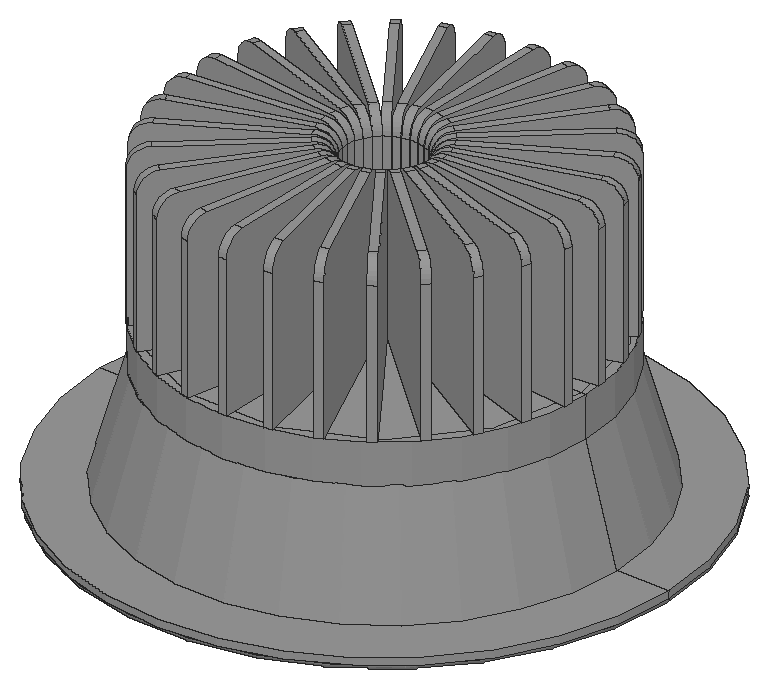
Revit family "WIL2_63_UN_Downlighter_ETK", category Lighting Fixtures, Revit 2017 (continued)
Definition of nested family "WIL.2 - Lightsource"
  Types (8, lengths in mm): name | Wattage Comments | Wattage | built-in parameter 1150134 | Photometric Web File | built-in parameter 1150142 | built-in parameter 1150105 | Lumens | built-in parameter 1150107 | built-in parameter 1150106 | Apparent Load
    WIL.2403.10 - LED 18W / 2500lm / 4000K | "13W" | 16.8303 W | 12 | "WIL.2403.10.ies" | "IESNA:LM-63-2002\r\n[TEST] /2017\r\n[TESTLAB] ies2eulumdat.appspot.com\r\n[ISSUEDATE] 2020-11-13T14:10:35.117\r\n[MANUFAC] www.etk.nl\r\n[LUMCAT] WIL.2403.10\r\n[LUMINAIRE] WIL.2 LED 18W 4000K helder wit DALI  Ø145 IP43\r\n[LAMPCAT] LED\r\n[LAMP] LED\r\nTILT=NONE\r\n1\t2016\t1\t19\t72\t1\t2\t-0.088\t-0.088\t0.001\r\n1.0\t1.0\t18.00\r\n0\t 5\t 10\t 15\t 20\t 25\t 30\t 35\t 40\t 45\r\n50\t 55\t 60\t 65\t 70\t 75\t 80\t 85\t 90\r\n0\t 5\t 10\t 15\t 20\t 25\t 30\t 35\t 40\t 45\r\n50\t 55\t 60\t 65\t 70\t 75\t 80\t 85\t 90\t 95\r\n100\t 105\t 110\t 115\t 120\t 125\t 130\t 135\t 140\t 145\r\n150\t 155\t 160\t 165\t 170\t 175\t 180\t 185\t 190\t 195\r\n200\t 205\t 210\t 215\t 220\t 225\t 230\t 235\t 240\t 245\r\n250\t 255\t 260\t 265\t 270\t 275\t 280\t 285\t 290\t 295\r\n300\t 305\t 310\t 315\t 320\t 325\t 330\t 335\t 340\t 345\r\n350\t 355\r\n1759.7261\t1730.9174\t1653.4627\t1505.3875\t1311.0048\t1192.4237\t982.6992\t829.1606\t655.5629\t294.7594\r\n54.7344\t46.4083\t36.9331\t25.2403\t23.1235\t17.6602\t16.4909\t9.1325\t1.1894\r\n1759.7261\t1731.3408\t1654.4102\t1504.3795\t1309.3718\t1190.4883\t983.6266\t830.9347\t657.337\t303.2266\r\n55.2182\t46.8317\t36.9331\t25.2\t23.688\t17.1965\t16.4304\t9.1325\t1.1894\r\n1759.7261\t1732.2278\t1655.2973\t1504.3795\t1308.9485\t1187.2829\t983.2234\t832.5072\t659.2118\t312.0365\r\n55.6819\t47.2349\t37.7597\t25.2\t23.6275\t17.6602\t16.8739\t9.5558\t1.1894\r\n1759.7261\t1731.8045\t1653.9869\t1504.4602\t1309.775\t1185.9926\t982.2355\t833.5958\t660.0989\t319.5562\r\n56.0851\t48.1622\t38.2032\t25.6234\t23.6275\t17.6602\t16.8739\t9.9994\t1.2701\r\n1759.7261\t1732.5706\t1654.4102\t1504.3795\t1309.4726\t1183.9565\t982.296\t835.0675\t661.3891\t328.0234\r\n56.9923\t48.1219\t38.5862\t25.9862\t23.688\t18.0835\t17.7811\t9.9994\t1.2701\r\n1759.7261\t1732.5706\t1654.9344\t1504.8029\t1308.6461\t1185.4483\t982.3766\t836.2166\t661.9334\t335.16\r\n58.3834\t49.0493\t39.937\t26.4701\t24.1114\t18.023\t17.3376\t9.9994\t1.2701\r\n1759.7261\t1735.0502\t1657.1923\t1504.8835\t1307.4768\t1185.8918\t984.3523\t836.2973\t663.7478\t343.1434\r\n59.3309\t49.9565\t40.7635\t26.4701\t24.6154\t18.0835\t17.3376\t9.9994\t1.1894\r\n1759.7261\t1735.8566\t1656.2246\t1504.0166\t1307.4768\t1187.6659\t986.6707\t837.769\t664.6954\t351.1469\r\n59.7542\t50.8435\t41.1466\t27.2563\t23.6275\t18.4666\t17.7408\t10.9066\t1.1894\r\n1759.7261\t1737.5098\t1657.2125\t1504.944\t1309.1904\t1190.1456\t986.7312\t837.8294\t664.7357\t355.3805\r\n60.2381\t51.287\t41.5901\t26.4096\t24.1114\t18.4666\t17.7811\t10.463\t1.6128\r\n1759.7261\t1738.8\t1656.7891\t1505.0246\t1308.8477\t1192.2422\t989.9568\t837.8294\t664.2922\t359.231\r\n60.6816\t51.7104\t42.0336\t26.7725\t24.6154\t18.4061\t17.7811\t10.463\t1.6128\r\n1759.7261\t1740.4531\t1657.2125\t1505.0246\t1310.4806\t1196.8589\t992.3357\t837.4464\t665.2195\t367.5974\r\n60.6816\t51.7104\t42.4166\t27.6192\t24.6154\t18.4262\t18.1843\t10.4026\t1.6128\r\n1759.7261\t1739.6467\t1657.7366\t1506.073\t1311.7306\t1198.9555\t995.1178\t837.5069\t666.9533\t374.3309\r\n60.6413\t52.1741\t42.8803\t27.1958\t24.6154\t18.4262\t17.7408\t10.463\t1.6128\r\n1759.7261\t1740.9168\t1657.7165\t1506.1133\t1312.2144\t1199.6611\t997.416\t838.9181\t669.2314\t379.7539\r\n61.105\t52.5974\t43.2634\t27.1958\t24.5549\t18.8698\t18.2246\t9.9994\t1.6128\r\n1759.7261\t1742.0861\t1658.2205\t1508.5728\t1316.327\t1202.4835\t998.7466\t841.1155\t670.0579\t382.2941\r\n61.5888\t53.0611\t44.0899\t27.6192\t25.5226\t18.8294\t18.648\t10.4429\t1.6128\r\n1759.7261\t1742.5699\t1657.3334\t1509.5203\t1318.0406\t1205.6285\t1001.5085\t842.5469\t670.9853\t385.1568\r\n62.0525\t53.0611\t44.0899\t28.0426\t25.0387\t19.2931\t18.6883\t9.9994\t1.1894\r\n1759.7261\t1745.1907\t1658.7446\t1510.5283\t1319.6938\t1209.8419\t1004.6938\t843.6355\t673.6061\t387.2938\r\n62.0122\t53.0611\t45.0374\t28.0426\t25.5226\t18.8294\t18.648\t10.4429\t1.1894\r\n1759.7261\t1743.8198\t1659.168\t1509.5203\t1322.2339\t1214.0957\t1007.0525\t847.6272\t676.2672\t388.5638\r\n62.0122\t53.5046\t44.977\t28.4861\t25.5226\t18.8294\t18.1843\t10.4429\t1.1894\r\n1759.7261\t1746.36\t1660.5792\t1510.4477\t1324.2902\t1218.2285\t1009.3104\t850.5302\t677.1139\t388.4832\r\n62.0122\t53.5046\t44.5334\t28.4256\t25.5427\t18.8698\t18.1843\t9.9994\t1.2701\r\n1759.7261\t1747.2269\t1661.5469\t1511.0525\t1327.657\t1220.2646\t1012.0723\t851.6189\t678.001\t389.3501\r\n62.0122\t53.4643\t45.4205\t28.4256\t25.0387\t19.2931\t18.1843\t9.9994\t1.2701\r\n1759.7261\t1746.36\t1660.5792\t1510.4477\t1324.2902\t1218.2285\t1009.3104\t850.5302\t677.1139\t388.4832\r\n62.0122\t53.5046\t44.5334\t28.4256\t25.5427\t18.8698\t18.1843\t9.9994\t1.2701\r\n1759.7261\t1743.8198\t1659.168\t1509.5203\t1322.2339\t1214.0957\t1007.0525\t847.6272\t676.2672\t388.5638\r\n62.0122\t53.5046\t44.977\t28.4861\t25.5226\t18.8294\t18.1843\t10.4429\t1.1894\r\n1759.7261\t1745.1907\t1658.7446\t1510.5283\t1319.6938\t1209.8419\t1004.6938\t843.6355\t673.6061\t387.2938\r\n62.0122\t53.0611\t45.0374\t28.0426\t25.5226\t18.8294\t18.648\t10.4429\t1.1894\r\n1759.7261\t1742.5699\t1657.3334\t1509.5203\t1318.0406\t1205.6285\t1001.5085\t842.5469\t670.9853\t385.1568\r\n62.0525\t53.0611\t44.0899\t28.0426\t25.0387\t19.2931\t18.6883\t9.9994\t1.1894\r\n1759.7261\t1742.0861\t1658.2205\t1508.5728\t1316.327\t1202.4835\t998.7466\t841.1155\t670.0579\t382.2941\r\n61.5888\t53.0611\t44.0899\t27.6192\t25.5226\t18.8294\t18.648\t10.4429\t1.6128\r\n1759.7261\t1740.9168\t1657.7165\t1506.1133\t1312.2144\t1199.6611\t997.416\t838.9181\t669.2314\t379.7539\r\n61.105\t52.5974\t43.2634\t27.1958\t24.5549\t18.8698\t18.2246\t9.9994\t1.6128\r\n1759.7261\t1739.6467\t1657.7366\t1506.073\t1311.7306\t1198.9555\t995.1178\t837.5069\t666.9533\t374.3309\r\n60.6413\t52.1741\t42.8803\t27.1958\t24.6154\t18.4262\t17.7408\t10.463\t1.6128\r\n1759.7261\t1740.4531\t1657.2125\t1505.0246\t1310.4806\t1196.8589\t992.3357\t837.4464\t665.2195\t367.5974\r\n60.6816\t51.7104\t42.4166\t27.6192\t24.6154\t18.4262\t18.1843\t10.4026\t1.6128\r\n1759.7261\t1738.8\t1656.7891\t1505.0246\t1308.8477\t1192.2422\t989.9568\t837.8294\t664.2922\t359.231\r\n60.6816\t51.7104\t42.0336\t26.7725\t24.6154\t18.4061\t17.7811\t10.463\t1.6128\r\n1759.7261\t1737.5098\t1657.2125\t1504.944\t1309.1904\t1190.1456\t986.7312\t837.8294\t664.7357\t355.3805\r\n60.2381\t51.287\t41.5901\t26.4096\t24.1114\t18.4666\t17.7811\t10.463\t1.6128\r\n1759.7261\t1735.8566\t1656.2246\t1504.0166\t1307.4768\t1187.6659\t986.6707\t837.769\t664.6954\t351.1469\r\n59.7542\t50.8435\t41.1466\t27.2563\t23.6275\t18.4666\t17.7408\t10.9066\t1.1894\r\n1759.7261\t1735.0502\t1657.1923\t1504.8835\t1307.4768\t1185.8918\t984.3523\t836.2973\t663.7478\t343.1434\r\n59.3309\t49.9565\t40.7635\t26.4701\t24.6154\t18.0835\t17.3376\t9.9994\t1.1894\r\n1759.7261\t1732.5706\t1654.9344\t1504.8029\t1308.6461\t1185.4483\t982.3766\t836.2166\t661.9334\t335.16\r\n58.3834\t49.0493\t39.937\t26.4701\t24.1114\t18.023\t17.3376\t9.9994\t1.2701\r\n1759.7261\t1732.5706\t1654.4102\t1504.3795\t1309.4726\t1183.9565\t982.296\t835.0675\t661.3891\t328.0234\r\n56.9923\t48.1219\t38.5862\t25.9862\t23.688\t18.0835\t17.7811\t9.9994\t1.2701\r\n1759.7261\t1731.8045\t1653.9869\t1504.4602\t1309.775\t1185.9926\t982.2355\t833.5958\t660.0989\t319.5562\r\n56.0851\t48.1622\t38.2032\t25.6234\t23.6275\t17.6602\t16.8739\t9.9994\t1.2701\r\n1759.7261\t1732.2278\t1655.2973\t1504.3795\t1308.9485\t1187.2829\t983.2234\t832.5072\t659.2118\t312.0365\r\n55.6819\t47.2349\t37.7597\t25.2\t23.6275\t17.6602\t16.8739\t9.5558\t1.1894\r\n1759.7261\t1731.3408\t1654.4102\t1504.3795\t1309.3718\t1190.4883\t983.6266\t830.9347\t657.337\t303.2266\r\n55.2182\t46.8317\t36.9331\t25.2\t23.688\t17.1965\t16.4304\t9.1325\t1.1894\r\n1759.7261\t1730.9174\t1653.4627\t1505.3875\t1311.0048\t1192.4237\t982.6992\t829.1606\t655.5629\t294.7594\r\n54.7344\t46.4083\t36.9331\t25.2403\t23.1235\t17.6602\t16.4909\t9.1325\t1.1894\r\n1759.7261\t1731.3408\t1654.4102\t1504.3795\t1309.3718\t1190.4883\t983.6266\t830.9347\t657.337\t303.2266\r\n55.2182\t46.8317\t36.9331\t25.2\t23.688\t17.1965\t16.4304\t9.1325\t1.1894\r\n1759.7261\t1732.2278\t1655.2973\t1504.3795\t1308.9485\t1187.2829\t983.2234\t832.5072\t659.2118\t312.0365\r\n55.6819\t47.2349\t37.7597\t25.2\t23.6275\t17.6602\t16.8739\t9.5558\t1.1894\r\n1759.7261\t1731.8045\t1653.9869\t1504.4602\t1309.775\t1185.9926\t982.2355\t833.5958\t660.0989\t319.5562\r\n56.0851\t48.1622\t38.2032\t25.6234\t23.6275\t17.6602\t16.8739\t9.9994\t1.2701\r\n1759.7261\t1732.5706\t1654.4102\t1504.3795\t1309.4726\t1183.9565\t982.296\t835.0675\t661.3891\t328.0234\r\n56.9923\t48.1219\t38.5862\t25.9862\t23.688\t18.0835\t17.7811\t9.9994\t1.2701\r\n1759.7261\t1732.5706\t1654.9344\t1504.8029\t1308.6461\t1185.4483\t982.3766\t836.2166\t661.9334\t335.16\r\n58.3834\t49.0493\t39.937\t26.4701\t24.1114\t18.023\t17.3376\t9.9994\t1.2701\r\n1759.7261\t1735.0502\t1657.1923\t1504.8835\t1307.4768\t1185.8918\t984.3523\t836.2973\t663.7478\t343.1434\r\n59.3309\t49.9565\t40.7635\t26.4701\t24.6154\t18.0835\t17.3376\t9.9994\t1.1894\r\n1759.7261\t1735.8566\t1656.2246\t1504.0166\t1307.4768\t1187.6659\t986.6707\t837.769\t664.6954\t351.1469\r\n59.7542\t50.8435\t41.1466\t27.2563\t23.6275\t18.4666\t17.7408\t10.9066\t1.1894\r\n1759.7261\t1737.5098\t1657.2125\t1504.944\t1309.1904\t1190.1456\t986.7312\t837.8294\t664.7357\t355.3805\r\n60.2381\t51.287\t41.5901\t26.4096\t24.1114\t18.4666\t17.7811\t10.463\t1.6128\r\n1759.7261\t1738.8\t1656.7891\t1505.0246\t1308.8477\t1192.2422\t989.9568\t837.8294\t664.2922\t359.231\r\n60.6816\t51.7104\t42.0336\t26.7725\t24.6154\t18.4061\t17.7811\t10.463\t1.6128\r\n1759.7261\t1740.4531\t1657.2125\t1505.0246\t1310.4806\t1196.8589\t992.3357\t837.4464\t665.2195\t367.5974\r\n60.6816\t51.7104\t42.4166\t27.6192\t24.6154\t18.4262\t18.1843\t10.4026\t1.6128\r\n1759.7261\t1739.6467\t1657.7366\t1506.073\t1311.7306\t1198.9555\t995.1178\t837.5069\t666.9533\t374.3309\r\n60.6413\t52.1741\t42.8803\t27.1958\t24.6154\t18.4262\t17.7408\t10.463\t1.6128\r\n1759.7261\t1740.9168\t1657.7165\t1506.1133\t1312.2144\t1199.6611\t997.416\t838.9181\t669.2314\t379.7539\r\n61.105\t52.5974\t43.2634\t27.1958\t24.5549\t18.8698\t18.2246\t9.9994\t1.6128\r\n1759.7261\t1742.0861\t1658.2205\t1508.5728\t1316.327\t1202.4835\t998.7466\t841.1155\t670.0579\t382.2941\r\n61.5888\t53.0611\t44.0899\t27.6192\t25.5226\t18.8294\t18.648\t10.4429\t1.6128\r\n1759.7261\t1742.5699\t1657.3334\t1509.5203\t1318.0406\t1205.6285\t1001.5085\t842.5469\t670.9853\t385.1568\r\n62.0525\t53.0611\t44.0899\t28.0426\t25.0387\t19.2931\t18.6883\t9.9994\t1.1894\r\n1759.7261\t1745.1907\t1658.7446\t1510.5283\t1319.6938\t1209.8419\t1004.6938\t843.6355\t673.6061\t387.2938\r\n62.0122\t53.0611\t45.0374\t28.0426\t25.5226\t18.8294\t18.648\t10.4429\t1.1894\r\n1759.7261\t1743.8198\t1659.168\t1509.5203\t1322.2339\t1214.0957\t1007.0525\t847.6272\t676.2672\t388.5638\r\n62.0122\t53.5046\t44.977\t28.4861\t25.5226\t18.8294\t18.1843\t10.4429\t1.1894\r\n1759.7261\t1746.36\t1660.5792\t1510.4477\t1324.2902\t1218.2285\t1009.3104\t850.5302\t677.1139\t388.4832\r\n62.0122\t53.5046\t44.5334\t28.4256\t25.5427\t18.8698\t18.1843\t9.9994\t1.2701\r\n1759.7261\t1747.2269\t1661.5469\t1511.0525\t1327.657\t1220.2646\t1012.0723\t851.6189\t678.001\t389.3501\r\n62.0122\t53.4643\t45.4205\t28.4256\t25.0387\t19.2931\t18.1843\t9.9994\t1.2701\r\n1759.7261\t1746.36\t1660.5792\t1510.4477\t1324.2902\t1218.2285\t1009.3104\t850.5302\t677.1139\t388.4832\r\n62.0122\t53.5046\t44.5334\t28.4256\t25.5427\t18.8698\t18.1843\t9.9994\t1.2701\r\n1759.7261\t1743.8198\t1659.168\t1509.5203\t1322.2339\t1214.0957\t1007.0525\t847.6272\t676.2672\t388.5638\r\n62.0122\t53.5046\t44.977\t28.4861\t25.5226\t18.8294\t18.1843\t10.4429\t1.1894\r\n1759.7261\t1745.1907\t1658.7446\t1510.5283\t1319.6938\t1209.8419\t1004.6938\t843.6355\t673.6061\t387.2938\r\n62.0122\t53.0611\t45.0374\t28.0426\t25.5226\t18.8294\t18.648\t10.4429\t1.1894\r\n1759.7261\t1742.5699\t1657.3334\t1509.5203\t1318.0406\t1205.6285\t1001.5085\t842.5469\t670.9853\t385.1568\r\n62.0525\t53.0611\t44.0899\t28.0426\t25.0387\t19.2931\t18.6883\t9.9994\t1.1894\r\n1759.7261\t1742.0861\t1658.2205\t1508.5728\t1316.327\t1202.4835\t998.7466\t841.1155\t670.0579\t382.2941\r\n61.5888\t53.0611\t44.0899\t27.6192\t25.5226\t18.8294\t18.648\t10.4429\t1.6128\r\n1759.7261\t1740.9168\t1657.7165\t1506.1133\t1312.2144\t1199.6611\t997.416\t838.9181\t669.2314\t379.7539\r\n61.105\t52.5974\t43.2634\t27.1958\t24.5549\t18.8698\t18.2246\t9.9994\t1.6128\r\n1759.7261\t1739.6467\t1657.7366\t1506.073\t1311.7306\t1198.9555\t995.1178\t837.5069\t666.9533\t374.3309\r\n60.6413\t52.1741\t42.8803\t27.1958\t24.6154\t18.4262\t17.7408\t10.463\t1.6128\r\n1759.7261\t1740.4531\t1657.2125\t1505.0246\t1310.4806\t1196.8589\t992.3357\t837.4464\t665.2195\t367.5974\r\n60.6816\t51.7104\t42.4166\t27.6192\t24.6154\t18.4262\t18.1843\t10.4026\t1.6128\r\n1759.7261\t1738.8\t1656.7891\t1505.0246\t1308.8477\t1192.2422\t989.9568\t837.8294\t664.2922\t359.231\r\n60.6816\t51.7104\t42.0336\t26.7725\t24.6154\t18.4061\t17.7811\t10.463\t1.6128\r\n1759.7261\t1737.5098\t1657.2125\t1504.944\t1309.1904\t1190.1456\t986.7312\t837.8294\t664.7357\t355.3805\r\n60.2381\t51.287\t41.5901\t26.4096\t24.1114\t18.4666\t17.7811\t10.463\t1.6128\r\n1759.7261\t1735.8566\t1656.2246\t1504.0166\t1307.4768\t1187.6659\t986.6707\t837.769\t664.6954\t351.1469\r\n59.7542\t50.8435\t41.1466\t27.2563\t23.6275\t18.4666\t17.7408\t10.9066\t1.1894\r\n1759.7261\t1735.0502\t1657.1923\t1504.8835\t1307.4768\t1185.8918\t984.3523\t836.2973\t663.7478\t343.1434\r\n59.3309\t49.9565\t40.7635\t26.4701\t24.6154\t18.0835\t17.3376\t9.9994\t1.1894\r\n1759.7261\t1732.5706\t1654.9344\t1504.8029\t1308.6461\t1185.4483\t982.3766\t836.2166\t661.9334\t335.16\r\n58.3834\t49.0493\t39.937\t26.4701\t24.1114\t18.023\t17.3376\t9.9994\t1.2701\r\n1759.7261\t1732.5706\t1654.4102\t1504.3795\t1309.4726\t1183.9565\t982.296\t835.0675\t661.3891\t328.0234\r\n56.9923\t48.1219\t38.5862\t25.9862\t23.688\t18.0835\t17.7811\t9.9994\t1.2701\r\n1759.7261\t1731.8045\t1653.9869\t1504.4602\t1309.775\t1185.9926\t982.2355\t833.5958\t660.0989\t319.5562\r\n56.0851\t48.1622\t38.2032\t25.6234\t23.6275\t17.6602\t16.8739\t9.9994\t1.2701\r\n1759.7261\t1732.2278\t1655.2973\t1504.3795\t1308.9485\t1187.2829\t983.2234\t832.5072\t659.2118\t312.0365\r\n55.6819\t47.2349\t37.7597\t25.2\t23.6275\t17.6602\t16.8739\t9.5558\t1.1894\r\n1759.7261\t1731.3408\t1654.4102\t1504.3795\t1309.3718\t1190.4883\t983.6266\t830.9347\t657.337\t303.2266\r\n55.2182\t46.8317\t36.9331\t25.2\t23.688\t17.1965\t16.4304\t9.1325\t1.1894" | 4143.9 (stored number, unit not read) | 2500 lm | 4000 (stored number, unit not read) | 41.439 (stored number, unit not read) | 13 VA
  Reference planes
    plane 1 "Center (Front/Back)": y = 0
    plane 2: z = 0
    plane 3 "Center (Left/Right)": x = 0
  Dimensions and locks
    aligned and locked: level to plane 2
Types (9, lengths in mm): name | Wattage Comments | Light Source | Apparent Load
  (no name) | "18W" | WIL.2 - Lightsource : WIL.2403.10 - LED 18W / 2500lm / 4000K | 18 VA
  WIL.2100.10 - 13W / 1980lm / 3000K | "13W" | WIL.2 - Lightsource : WIL.2100.10 - LED 13W / 1980lm / 3000K | 13 VA
  WIL.2200.10 - 13W / 2020lm / 4000K | "13W" | WIL.2 - Lightsource : WIL.2200.10 - LED 13W / 2020lm / 4000K | 13 VA
  WIL.2300.10 - 18W / 2425lm / 3000K | "18W" | WIL.2 - Lightsource : WIL.2300.10 - LED 18W / 2425lm / 3000K | 18 VA
  WIL.2400.10 - 18W / 2500lm / 4000K | "18W" | WIL.2 - Lightsource : WIL.2400.10 - LED 18W / 2500lm / 4000K | 18 VA
  WIL.2103.10 - 13W / 1980lm / 3000K | "13W" | WIL.2 - Lightsource : WIL.2103.10 - LED 13W / 1980lm / 3000K | 13 VA
  WIL.2203.10 - 13W / 2020lm / 4000K | "13W" | WIL.2 - Lightsource : WIL.2203.10 - LED 13W / 2020lm / 4000K | 13 VA
  WIL.2303.10 - 18W / 2425lm / 3000K | "18W" | WIL.2 - Lightsource : WIL.2303.10 - LED 18W / 2425lm / 3000K | 18 VA
  WIL.2403.10 - 18W / 2500lm / 4000K | "18W" | WIL.2 - Lightsource : WIL.2403.10 - LED 18W / 2500lm / 4000K | 18 VA
